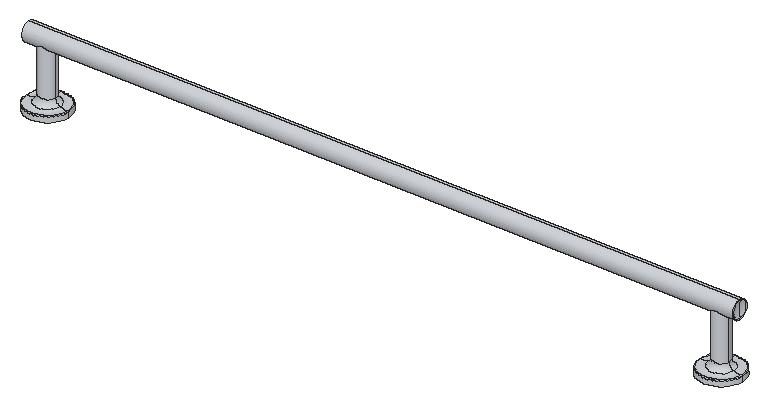
Revit family "Accessory-Towel_Bar-KOHLER-Purist-K-14437", category Generic Models, host Face, Revit 2015
Parameters (values of type "CP-Polished Chrome")
  Width = 1 7/8"  # constant formula
  URL = "https://www.us.kohler.com/us/"
  Type = 1
  Product Page URL = "http://www.us.kohler.com/us/catalog/productDetails.jsp?productNumber=14437"
  Product Name = "Purist"  # constant formula
  Product Documentation Link = "http://www.us.kohler.com/onlinecatalog/pdf/K-14437_spec.pdf"
  Model = if(Type = 1, "K-14437-CP", if(Type = 2, "K-14437-SN", if(Type = 3, "K-14437-BGD", if(Type = 4, "K-14437-BN", if(Type = 5, "K-14437-BV", "NA")))))  # "K-14437-CP"
  Material = "Solid Brass Construction"  # constant formula
  MasterFormat 2004 = "10.28.13"  # constant formula
  MasterFormat 1995 = "10820"  # constant formula
  Manufacturer Address = "444 Highland Dr, Kohler, WI 53044"  # constant formula
  Manufacturer = "KOHLER Co."  # constant formula
  Length = 31 7/8"  # constant formula
  Height = 3 7/32"  # constant formula
  Finish = Kohler-Metal-CP-Polished_Chrome
  Environmental Product Declaration = ""
  Description = "30inch towel bar"  # constant formula
  Default Elevation = 42"
  Declare Label = ""
  Date Modified = "1/31/2018"  # constant formula
  Date Created = "1/31/2018"  # constant formula
  Copyright = "Copyright KOHLER Co."  # constant formula
  Contact Us = "https://www.us.kohler.com/us/static/contact.jsp"
  Assembly Code = "C1030200"
  ADA = no
Types (6): name | Type | Model | Finish
  (no name) | 1 | "K-14437-CP" | Kohler-Metal-CP-Polished_Chrome
  CP-Polished Chrome | 1 | "K-14437-CP" | Kohler-Metal-CP-Polished_Chrome
  BGD-Vibrant Moderne Brushed Gold | 3 | "K-14437-BGD" | Kohler-Metal-BGD-Vibrant_Moderne_Brushed_Gold
  BN-Vibrant Brushed Nickel | 4 | "K-14437-BN" | Kohler-Metal-BN-Vibrant_Brushed_Nickel
  BV-Vibrant Brushed Bronze | 5 | "K-14437-BV" | Kohler-Metal-BV-Brushed_Bronze
  SN-Vibrant Polished Nickel | 2 | "K-14437-SN" | Kohler-Metal-SN-Vibrant_Polished_Nickel
Reference planes (in)
  plane 1 "Center (Front/Back)": y = 0
  plane 2: z = 0
  plane 3 "Center (Left/Right)": x = 0
  plane 4: y = 0.94488
  plane 5: x = -15.94531
  plane 6: x = 15.92969
  plane 7: y = -0.93012
  plane 8: z = 3.21875
Dimensions and locks (in)
  "Width": plane 7 to plane 4
  "Height": plane 8 to level
  "Length": plane 5 to plane 6
  aligned and locked: plane 2 to host face
  aligned and locked: level to host face
Automatic sketch dimensions
  host sketch curve to host sketch curve = 96"  (x2)
Nested families (in)
  nested 1: "K-14437" at (0, 0, 0), type "K-14437"
Definition of nested family "K-14437"
  Parameters (values of type "K-14437")
    Material = none
    Half Length1 = Half Length + 199/256"  # 15 199/256"
    Half Length = 15"
  Reference planes (in)
    plane 1 "Center (Front/Back)": y = 0
    plane 2: z = 0
    plane 3 "Center (Left/Right)": x = 0
  Forms (in)
    Revolve 1, solid, material <- "Material"
      sketch origin (0, 0, 0) x (1, 0, 0) y (0, 0, 1)
        loop
          line (-15, 0) -> (-15, 2.73517) -> (-15.35433, 2.73517) -> (-15.35433, 0.58856)
          arc (-15.35433, 0.58856) -> (-15.40673, 0.41139) -> (-15.54706, 0.29121) r 0.32574
          arc (-15.54706, 0.29121) -> (-15.73143, 0.24256) -> (-15.92168, 0.25538) r 0.58881
          arc (-15.92168, 0.25538) -> (-15.93773, 0.25179) -> (-15.94488, 0.23698) r 0.01889
          line (-15.94488, 0.23698) -> (-15.94488, 0) -> (-15, 0)
        axis (-15, 2.73517) -> (-15, 0)
      angle from 0 to 360
    Revolve 2, solid, material <- "Material"
      sketch origin (0, 0, 0) x (-1, 0, 0) y (0, 0, 1)
        loop
          line (-15, 0) -> (-15, 2.73517) -> (-15.35433, 2.73517) -> (-15.35433, 0.58856)
          arc (-15.35433, 0.58856) -> (-15.40673, 0.41139) -> (-15.54706, 0.29121) r 0.32574
          arc (-15.54706, 0.29121) -> (-15.73143, 0.24256) -> (-15.92168, 0.25538) r 0.58881
          arc (-15.92168, 0.25538) -> (-15.93773, 0.25179) -> (-15.94488, 0.23698) r 0.01889
          line (-15.94488, 0.23698) -> (-15.94488, 0) -> (-15, 0)
        axis (-15, 2.73517) -> (-15, 0)
      angle from 0 to 360
    Revolve 3, solid, material <- "Material"
      sketch origin (0, 0, 0) x (1, 0, 0) y (0, 0, 1)
        loop
          line (-15.82816, 3.22695) -> (-15.82816, 3.19616)
          arc (-15.82816, 3.19616) -> (-15.79011, 3.01648) -> (-15.77734, 2.83325) r 1.32131
          line (-15.77734, 2.83325) -> (15.77734, 2.83325)
          arc (15.77734, 2.83325) -> (15.79011, 3.01648) -> (15.82816, 3.19616) r 1.32131
          line (15.82816, 3.19616) -> (15.82816, 3.22695) -> (-15.82816, 3.22695)
        axis (15.82816, 2.83325) -> (-15.82816, 2.83325)
      angle from 0 to 360
  Cuts and joins
    joined: Revolve 1, Revolve 2, Revolve 3
  Lines and regions (in)
    Masking region 1
      outline origin (0, 0, 0) x (1, 0, 0) y (0, 0, 1)
        loop
          line (-15.82816, 3.22695) -> (-15.82816, 2.43955) -> (-15.35433, 2.43955) -> (-15.35433, 0.59248)
          arc (-15.35433, 0.59248) -> (-15.45292, 0.35447) -> (-15.69093, 0.25588) r 0.3366
          line (-15.69093, 0.25588) -> (-15.92531, 0.25588)
          arc (-15.92531, 0.25588) -> (-15.93915, 0.25015) -> (-15.94488, 0.23631) r 0.01957
          line (-15.94488, 0.23631) -> (-15.94488, 0) -> (-14.05512, 0) -> (-14.05512, 0.23631)
          arc (-14.05512, 0.23631) -> (-14.06085, 0.25015) -> (-14.07469, 0.25588) r 0.01957
          line (-14.07469, 0.25588) -> (-14.30907, 0.25588)
          arc (-14.30907, 0.25588) -> (-14.54708, 0.35447) -> (-14.64567, 0.59248) r 0.3366
          line (-14.64567, 0.59248) -> (-14.64567, 2.43955) -> (14.64567, 2.43955) -> (14.64567, 0.59248)
          arc (14.64567, 0.59248) -> (14.54708, 0.35447) -> (14.30907, 0.25588) r 0.3366
          line (14.30907, 0.25588) -> (14.07469, 0.25588)
          arc (14.07469, 0.25588) -> (14.06085, 0.25015) -> (14.05512, 0.23631) r 0.01957
          line (14.05512, 0.23631) -> (14.05512, 0) -> (15.94488, 0) -> (15.94488, 0.23631)
          arc (15.94488, 0.23631) -> (15.93915, 0.25015) -> (15.92531, 0.25588) r 0.01957
          line (15.92531, 0.25588) -> (15.69093, 0.25588)
          arc (15.69093, 0.25588) -> (15.45292, 0.35447) -> (15.35433, 0.59248) r 0.3366
          line (15.35433, 0.59248) -> (15.35433, 2.43955) -> (15.82816, 2.43955) -> (15.82816, 3.22695) -> (-15.82816, 3.22695)
    Masking region 2
      outline origin (0, 0, 0) x (0, 1, 0) y (0, 0, 1)
        loop
          line (-0.94488, 0) -> (0.94488, 0) -> (0.94488, 0.23572)
          arc (0.94488, 0.23572) -> (0.93902, 0.24987) -> (0.92487, 0.25573) r 0.02002
          line (0.92487, 0.25573) -> (0.69127, 0.25573)
          arc (0.69127, 0.25573) -> (0.45302, 0.35442) -> (0.35433, 0.59268) r 0.33694
          line (0.35433, 0.59268) -> (0.35433, 2.66164)
          arc (0.35433, 2.66164) -> (0, 3.22695) -> (-0.35433, 2.66164) r 0.3937
          line (-0.35433, 2.66164) -> (-0.35433, 0.59268)
          arc (-0.35433, 0.59268) -> (-0.45302, 0.35442) -> (-0.69127, 0.25573) r 0.33694
          line (-0.69127, 0.25573) -> (-0.92487, 0.25573)
          arc (-0.92487, 0.25573) -> (-0.93902, 0.24987) -> (-0.94488, 0.23572) r 0.02002
          line (-0.94488, 0.23572) -> (-0.94488, 0)
    Masking region 3
      outline origin (0, 0, 0) x (1, 0, 0) y (0, 1, 0)
        loop
          line (-14.14105, -0.3937) -> (14.14105, -0.3937)
          arc (14.14105, -0.3937) -> (15.94488, 0) -> (14.14105, 0.3937) r 0.94488
          line (14.14105, 0.3937) -> (-14.14105, 0.3937)
          arc (-14.14105, 0.3937) -> (-15.94488, 0) -> (-14.14105, -0.3937) r 0.94488
    symbolic lines, detail levels medium+fine
      curve 1: line (-14.64567, 0, 2.43955) -> (-15.35433, 0, 2.43955)
      curve 2: line (14.64567, 0, 2.43955) -> (15.35433, 0, 2.43955)
      curve 3: line (-15.69093, 0, 0.25588) -> (-14.30907, 0, 0.25588)
      curve 4: line (14.30907, 0, 0.25588) -> (15.69093, 0, 0.25588)
      curve 5: circle (0, 0, 2.83325) r 0.36291 normal (1, 0, 0)
      curve 6: line (0, 0.69127, 0.25573) -> (0, -0.69127, 0.25573)
      curve 7: arc (0, 0.35433, 2.66164) -> (0, -0.01064, 2.43969) -> (0, -0.36309, 2.68104) r 0.3937
      curve 8: line (-15.82816, 0.3937, 0) -> (-15.82816, -0.3937, 0)
      curve 9: line (15.82816, 0.3937, 0) -> (15.82816, -0.3937, 0)
      curve 10: line (-15.82816, 0.3937, 0) -> (-14.14105, 0.3937, 0)
      curve 11: line (15.82816, 0.3937, 0) -> (14.14105, 0.3937, 0)
      curve 12: line (-15.82816, -0.3937, 0) -> (-14.14105, -0.3937, 0)
      curve 13: line (15.82816, -0.3937, 0) -> (14.14105, -0.3937, 0)
  Dimensions and locks (in)
    "Half Length": Revolve 1 sketch curve to plane 3 "Center (Left/Right)"
    "Half Length": Revolve 2 sketch curve to plane 3 "Center (Left/Right)"
    "Half Length1": plane 3 "Center (Left/Right)" to Revolve 3 sketch curve
    equal spacing: Revolve 3 sketch curve, plane 3 "Center (Left/Right)", Revolve 3 sketch curve
    aligned and locked: plane 2 to level
    aligned and locked: Revolve 1 sketch curve to Revolve 1 sketch curve  (x2)
    aligned and locked: Revolve 2 sketch curve to Revolve 2 sketch curve  (x2)
    aligned and locked: Masking region 1 sketch curve to cut or joined group of Revolve 1, Revolve 2, Revolve 3  (x9)
    aligned and locked: curve 3 to Masking region 1  (x2)
    aligned and locked: curve 4 to Masking region 1  (x2)
    aligned and locked: Masking region 3 sketch curve to cut or joined group of Revolve 1, Revolve 2, Revolve 3  (x2)
    aligned and locked: curve 8 to cut or joined group of Revolve 1, Revolve 2, Revolve 3
    aligned and locked: curve 9 to cut or joined group of Revolve 1, Revolve 2, Revolve 3
    aligned and locked: curve 10 to Masking region 3
    aligned and locked: curve 11 to Masking region 3
  Automatic sketch dimensions
    Revolve 1 sketch curve to level = 0"
    Revolve 1 sketch curve to Revolve 1 sketch curve = 0.35433"
    Revolve 1 sketch curve to Revolve 1 sketch curve = 0.32574"
    Revolve 1 sketch curve to Revolve 1 sketch curve = 0.10742"
    Revolve 1 sketch curve to Revolve 1 sketch curve = 0.24591"
    Revolve 1 sketch curve to Revolve 1 sketch curve = 0.01889"
    level to Revolve 1 sketch curve = 0.23698"
    Revolve 1 sketch curve to Revolve 1 sketch curve = 45/128"
    Revolve 1 sketch curve to Revolve 1 sketch curve = 0.24014"
    Revolve 1 sketch curve to Revolve 1 sketch curve = 1.90647"
    Revolve 1 sketch curve to Revolve 1 sketch curve = 0"
    Revolve 1 sketch curve to level = 1/2"
    Revolve 2 sketch curve to level = 0"
    Revolve 2 sketch curve to Revolve 2 sketch curve = 0.35433"
    Revolve 2 sketch curve to Revolve 2 sketch curve = 0.32574"
    Revolve 2 sketch curve to Revolve 2 sketch curve = 0.10742"
    Revolve 2 sketch curve to Revolve 2 sketch curve = 0.24591"
    Revolve 2 sketch curve to Revolve 2 sketch curve = 0.01889"
    Revolve 2 sketch curve to level = 0.23698"
    Revolve 2 sketch curve to Revolve 2 sketch curve = 45/128"
    Revolve 2 sketch curve to Revolve 2 sketch curve = 0.24014"
    Revolve 2 sketch curve to Revolve 2 sketch curve = 1.90647"
    Revolve 2 sketch curve to Revolve 2 sketch curve = 0"
    level to Revolve 2 sketch curve = 1/2"
    Revolve 3 sketch curve to Revolve 3 sketch curve = 0.05082"  (x2)
    Revolve 3 sketch curve to Revolve 3 sketch curve = 1.32131"  (x2)
    level to Revolve 3 sketch curve = 2.83325"
    Revolve 3 sketch curve to Revolve 3 sketch curve = 0.03079"
    Revolve 3 sketch curve to Revolve 3 sketch curve = 0.436"
    Revolve 3 sketch curve to Revolve 3 sketch curve = 0"  (x2)
    Masking region 1 sketch curve to Masking region 1 sketch curve = 0.01957"  (x4)
    Masking region 1 sketch curve to Masking region 1 sketch curve = 0.3366"  (x4)
    Masking region 1 sketch curve to Masking region 1 sketch curve = 15/64"  (x3)
    Masking region 1 sketch curve to Masking region 1 sketch curve = 1.77304"
    Masking region 1 sketch curve to Masking region 1 sketch curve = 0.47383"
    Masking region 1 sketch curve to Masking region 1 sketch curve = 0.23631"  (x4)
    Masking region 1 sketch curve to Masking region 1 sketch curve = 0.7874"
    Masking region 1 sketch curve to Masking region 1 sketch curve = 0"
    curve 3 to curve 1 = 0.3366"
    curve 1 to curve 1 = 0.70866"
    curve 3 to curve 3 = 1.38186"
    curve 4 to curve 2 = 0.3366"
    curve 2 to curve 2 = 0.70866"
    curve 4 to curve 4 = 1.38186"
    curve 4 to curve 2 = 2.18367"
    curve 3 to curve 1 = 2.18367"
    Masking region 2 sketch curve to level = 0"
    Masking region 2 sketch curve to plane 1 "Center (Front/Back)" = 0"
    plane 1 "Center (Front/Back)" to Masking region 2 sketch curve = 0.35433"
    level to Masking region 2 sketch curve = 0.25573"  (x2)
    Masking region 2 sketch curve to Masking region 2 sketch curve = 0.33694"  (x2)
    Masking region 2 sketch curve to Masking region 2 sketch curve = 0.23359"  (x2)
    Masking region 2 sketch curve to Masking region 2 sketch curve = 0.02002"  (x2)
    Masking region 2 sketch curve to plane 1 "Center (Front/Back)" = 0.35433"
    Masking region 2 sketch curve to Masking region 2 sketch curve = 2.06896"
    Masking region 2 sketch curve to Masking region 2 sketch curve = 0.17161"
    curve 5 to curve 7 = 0"  (x2)
    curve 7 to plane 1 "Center (Front/Back)" = 0"
    level to curve 7 = 2.83325"
    plane 1 "Center (Front/Back)" to curve 7 = 0.36309"
    level to curve 6 = 0.25573"
    plane 1 "Center (Front/Back)" to curve 6 = 0.69127"
    curve 7 to plane 1 "Center (Front/Back)" = 0.35433"
    curve 6 to plane 1 "Center (Front/Back)" = 0.69127"
    curve 7 to curve 5 = 0.15221"
    Masking region 3 sketch curve to plane 1 "Center (Front/Back)" = 0.3937"
    plane 1 "Center (Front/Back)" to Masking region 3 sketch curve = 0.3937"
    plane 1 "Center (Front/Back)" to curve 12 = 0.3937"
    curve 8 to curve 10 = 1.68711"
    curve 12 to curve 10 = 0"
    plane 1 "Center (Front/Back)" to curve 13 = 0.3937"
    curve 13 to curve 9 = 1.68711"
    curve 11 to curve 13 = 0"
    radius of curve 5 = 0.36291"
